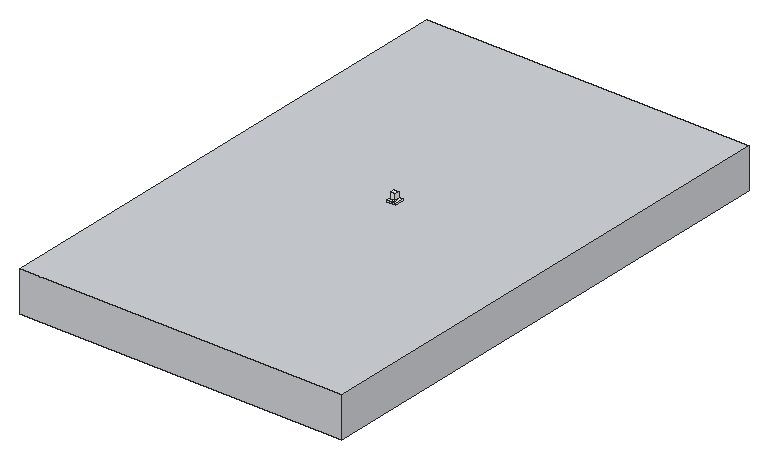
Revit family "Control_Trim-GROHE-Eurocube-19910000", category Plumbing Fixtures, host Face, Revit 2014
Parameters (values of type "19910000")
  Width = 2 97/128"  # constant formula
  Waste Connection = no
  Warranty Documentation Link = "https://cdn.cloud.grohe.com/tpi/1000/1900/1940/1949/1949006/original/1949006.pdf"
  WFU = 4  # constant formula
  Vent Connection = no
  URL = "https://www.grohe.us"
  Type Comments = ""
  Tempered Connection Radius = Tempered Connection Diameter / 2  # 1/4"
  Tempered Connection Diameter = Hot Water Connection Diameter  # 1/2"
  Product Page URL = "https://www.grohe.us/en_us/volume-control-trim-19910000.html"
  Price = "Prices may vary. Please consult Manufacturer Representative for most up-to-date price list."  # constant formula
  Model = "19910000"
  Material = "Metal-Grohe-000-Chrome"
  Manufacturer = "Grohe"
  Length = 2 21/128"  # constant formula
  Installation Type = "Wall Mounted"
  Hot Water Connection Radius = Hot Water Connection Diameter / 2  # 1/4"
  Hot Water Connection Diameter = Cold Water Connection Diameter  # 1/2"
  Height = 40"
  HWFU = 3  # constant formula
  HW Connection = yes
  Flow Rate = ""
  Finish = Metal-Grohe-000-Chrome
  Description = "Eurocube Volume Control Trim"  # constant formula
  Default Elevation = 44"  # constant formula
  Creation Date = "06/29/2017"  # constant formula
  Cold Water Connection Radius = 1/4"  # constant formula
  Cold Water Connection Diameter = Cold Water Connection Radius * 2  # 1/2"
  CWFU = 3  # constant formula
  CW Connection = yes
  Assembly Code = "D2010710"
Reference planes (in)
  plane 1 "Center (Front/Back)": y = 0
  plane 2: z = 0
  plane 3 "Center (Left/Right)": x = 0
  plane 4: y = 40
  plane 5: y = -18
  plane 6: y = -39
  plane 7: y = 3.34375
  plane 8: y = -3.34375
  plane 9: x = 3.34375
  plane 10: x = -3.34375
  plane 11: z = 0.75
  plane 12: y = 1.25
  plane 13: y = -1.25
  plane 14: x = -1.25
  plane 15: x = 1.25
Forms (in)
  Extrusion 1, solid
    sketch origin (0, 0, 0) x (1, 0, 0) y (0, 1, 0)
      loop
        line (-48, 72) -> (-48, -79.70833) -> (48, -79.70833) -> (48, 72) -> (-48, 72)
    from 0 to -12
  Extrusion 2, solid, material "Metal-Grohe-000-Chrome" <- "Finish"
    sketch origin (0, 0, 0) x (1, 0, 0) y (0, 1, 0)
      loop
        line (-1.37795, 1.37795) -> (-1.37795, -1.37795) -> (1.37795, -1.37795) -> (1.37795, 1.37795) -> (-1.37795, 1.37795)
    from 0 to 0.3937
  Extrusion 3, solid, material "Metal-Grohe-000-Chrome" <- "Finish"
    sketch origin (0, 0, 0) x (1, 0, 0) y (0, 1, 0)
      loop
        line (-0.62116, 0.62116) -> (-0.62116, -0.62116) -> (0.62116, -0.62116) -> (0.62116, 0.62116) -> (-0.62116, 0.62116)
    from 0.75 to 2.43114
  Extrusion 4, solid, material "Metal-Grohe-000-Chrome" <- "Finish"
    sketch origin (0, 0, 0) x (1, 0, 0) y (0, 1, 0)
      loop
        circle (0, 0) r 0.50247
    from 0 to 1.33714
Cuts and joins
  joined: Extrusion 2, Extrusion 3, Extrusion 4
Lines and regions (in)
  Masking region 1
    outline origin (0, 0, 0) x (1, 0, 0) y (0, 0, 1)
      loop
        line (1.37795, 0) -> (1.37795, 0.3937) -> (0.50247, 0.3937) -> (0.50247, 0.75) -> (0.62116, 0.75) -> (0.62116, 2.43114) -> (-0.62116, 2.43114) -> (-0.62116, 0.75) -> (-0.50247, 0.75) -> (-0.50247, 0.3937) -> (-1.37795, 0.3937) -> (-1.37795, 0) -> (1.37795, 0)
  symbolic lines, detail levels medium+fine
    curve 1: line (0.50247, 0, 0.3937) -> (-0.50247, 0, 0.3937)
  symbolic lines, detail levels fine
    curve 2: line (0.50247, 0, 0.75) -> (-0.50247, 0, 0.75)
Dimensions and locks (in)
  plane 1 "Center (Front/Back)" to plane 5 = 18"
  plane 5 to plane 6 = 21"
  plane 1 "Center (Front/Back)" to plane 4 = 40"
  equal spacing: plane 7, plane 1 "Center (Front/Back)", plane 8
  plane 7 to plane 8 = 6 11/16"
  plane 11 to level = 3/4"
  aligned and locked: plane 2 to Extrusion 1
  aligned and locked: level to Extrusion 1
Automatic sketch dimensions
  Extrusion 1 sketch curve to Extrusion 1 sketch curve = 96"
  Extrusion 1 sketch curve to Extrusion 1 sketch curve = 151.70833"
  plane 14 to Extrusion 2 sketch curve = 0.12795"
  plane 15 to Extrusion 2 sketch curve = 0.12795"
  plane 13 to Extrusion 2 sketch curve = 0.12795"
  plane 12 to Extrusion 2 sketch curve = 0.12795"
  Extrusion 3 sketch curve to plane 3 "Center (Left/Right)" = 0.62116"
  plane 3 "Center (Left/Right)" to Extrusion 3 sketch curve = 0.62116"
  plane 1 "Center (Front/Back)" to Extrusion 3 sketch curve = 0.62116"
  Extrusion 3 sketch curve to plane 1 "Center (Front/Back)" = 0.62116"
  plane 1 "Center (Front/Back)" to Extrusion 4 sketch curve = 0"
  Extrusion 4 sketch curve to plane 3 "Center (Left/Right)" = 0"
  Masking region 1 sketch curve to plane 11 = 0"  (x2)
  Masking region 1 sketch curve to level = 0"
  plane 14 to Masking region 1 sketch curve = 0.12795"
  Masking region 1 sketch curve to plane 3 "Center (Left/Right)" = 0.62116"
  Masking region 1 sketch curve to Masking region 1 sketch curve = 0.11869"  (x2)
  plane 3 "Center (Left/Right)" to Masking region 1 sketch curve = 0.50247"
  plane 15 to Masking region 1 sketch curve = 0.12795"
  Masking region 1 sketch curve to Masking region 1 sketch curve = 0.3563"  (x2)
  plane 11 to Masking region 1 sketch curve = 1.68114"
  curve 2 to plane 11 = 0"
  curve 1 to plane 3 "Center (Left/Right)" = 0.50247"
  curve 2 to curve 1 = 0"  (x2)
  plane 3 "Center (Left/Right)" to curve 2 = 0.50247"
  curve 1 to plane 11 = 0.3563"
  radius of Extrusion 4 sketch curve = 0.50247"
Connectors (in)
  piping at (0, 0, 0), diameter 0.5, driven by "Tempered Connection Diameter"
    settings: on cut or joined group of Extrusion 2, Extrusion 3, Extrusion 4, index 1, connector inside diameter 24", connector length 0", flow factor 0, pipe flow 0 GPM, pressure drop 0.00 psi, fitting loss kfactor 0, connector angle 0.00°, fixture units 0, engagement length 0", angle of deflection 0.00°, flow configuration 0, flow direction 1, fitting loss method 0, system type 29, joint type 0, gender type 0, connector reference index -1, connector utility 0, adjustable connector no, is connector primary yes, connector description "1/2\" NPT Supply Inlet"
